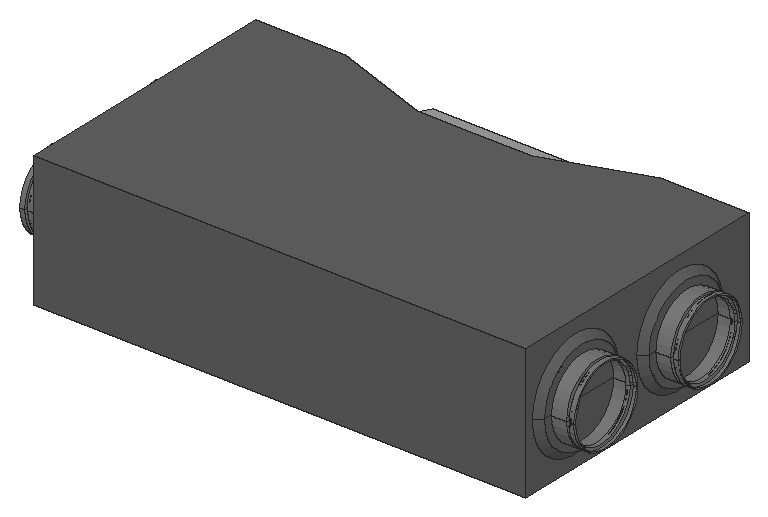
Revit family "BIMLIB_ПриточноВытяжнаяУстановка_NOVA_SHUFT", category Оборудование, Revit 2017
Family settings
  Размер круглого соединителя = Использовать диаметр
  Тип детали = Нормальный
  На основе рабочей плоскости = Нет
  Всегда вертикально = Да
  При загрузке вырезать с полостями = Нет
  Общий = Нет
  Точка расчета площади = Нет
Parameters (values of type "NOVA-600 EC")
  Повернуть УГО [instance] = yes
  Описание = "Вентиляционная установка NOVA адаптирована к российскому климату и оснащена запатентованным рекуператором «sensitive» с КПД 94%, благодаря чему она способна работать без использования нагревателя при температурах до -10°С"  # constant formula
  Изготовитель = "ООО «Завод ВКО» марка SHUFT"  # constant formula
  Длина коннекторов = (ADSK_Размер_Длина - C) / 2  # 47.5 mm
  Watermark [instance] = "Модели защищены уникальным кодом"
  SH_Мощность вентилятора = 149 W
  H = 135 mm
  URL = "http://www.shuft.ru/"
  F = 160 mm
  C = 1030 mm
  BL_Разработано = "support@bimlib.pro"  # constant formula
  BL_Email = "bimmodels@rusklimat.ru"  # constant formula
  BL_BIM library = "https://bimlib.pro/manufacturer/company/23829"
  B = 1000 mm
  ADSK_Расход воздуха приточный [instance] = 0.0 L/s
  ADSK_Расход воздуха вытяжной [instance] = 0.0 L/s
  ADSK_Размер_Ширина = 565 mm
  ADSK_Размер_Длина = 1125 mm
  ADSK_Размер_Высота = 270 mm
  ADSK_Примечание [instance] = ""
  ADSK_Полная мощность = ADSK_Номинальная мощность / ADSK_Коэффициент мощности  # 2400 VA
  ADSK_Позиция = ""
  ADSK_Обозначение = ""
  ADSK_Номинальная мощность = 2400 W
  ADSK_Напряжение = 230 V
  ADSK_Наименование = "Приточно-вытяжная вентиляционная установка NOVA-600 EC"
  ADSK_Материал = BIMLIB_Сталь_Корпус_SHUFT
  ADSK_Масса_Текст = "18"
  ADSK_Масса = 18
  ADSK_Марка = ADSK_Код изделия  # "NOVA-600 EC"
  ADSK_Коэффициент мощности = 1
  ADSK_Количество фаз = 1
  ADSK_Код изделия = "NOVA-600 EC"
  ADSK_Классификация нагрузок = Прочее
  ADSK_Завод-изготовитель = Изготовитель  # "ООО «Завод ВКО» марка SHUFT"
  ADSK_Единица измерения = "шт."  # constant formula
  ADSK_Версия семейства = "v.1"  # constant formula
  ADSK_Версия Revit = "2017"  # constant formula
  ADSK_URL страницы изделия = "http://www.shuft.ru/catalog/2/206/3035/4200/"
  ADSK_URL документации изделия = "http://www.shuft.ru/upload/downloads/Rucovodstvo_NOVA.pdf"
Types (4, lengths in mm): name | SH_Мощность вентилятора | ADSK_Напряжение | ADSK_Наименование | ADSK_Масса_Текст | ADSK_Масса | ADSK_Марка | ADSK_Код изделия
  (no name) | 149 W | 230 V | "Приточно-вытяжная вентиляционная установка NOVA-600 EC" | "18" | 18 | "NOVA-600 EC" | "NOVA-600 EC"
  NOVA-300 | 55 W | 230 V | "Приточно-вытяжная вентиляционная установка NOVA-300" | "18" | 18 | "NOVA-300" | "NOVA-300"
  NOVA-600 EC | 149 W | 230 V | "Приточно-вытяжная вентиляционная установка NOVA-600 EC" | "18" | 18 | "NOVA-600 EC" | "NOVA-600 EC"
  NOVA-300 Sensetive | 55 W | 220 V | "Приточно-вытяжная вентиляционная установка NOVA-300 Sensetive" | "17" | 17 | "NOVA-300 Sensetive" | "NOVA-300 Sensetive"
Reference planes
  plane 1 "По центру (Вперед/Назад)": y = 0
  plane 2: z = 0
  plane 3 "По центру (Влево/Вправо)": x = 0
  plane 4 "Перед": y = -282.5
  plane 5 "Зад": y = 282.5
  plane 6: z = 270
  plane 7 "Лево корпус": x = -562.5
  plane 8 "Право корпус": x = 562.5
  plane 9 "коннекторы": z = 135
  plane 10: z = 245
  plane 11 "rr": x = -500
  plane 12: x = -515
  plane 13: x = 515
  plane 14: x = 500
Forms (mm)
  Extrusion 1, solid, material "BIMLIB_Сталь_Корпус_SHUFT" <- "ADSK_Материал", detail levels medium+fine
    sketch origin (0, 0, 0) x (1, 0, 0) y (0, 1, 0)
      loop
        line (-500, -282.5) -> (500, -282.5) -> (500, 282.5) -> (320, 282.5) -> (116.714, 212.503) -> (0, 212.503) -> (-116.714, 212.503) -> (-320, 282.5) -> (-500, 282.5) -> (-500, -282.5)
    from 0 to 270 <- "ADSK_Размер_Высота"
  Extrusion 2, solid, material "BIMLIB_Сталь_SHUFT", detail levels fine
    sketch origin (0, 0, 135) x (-1, 0, 0) y (0, -1, 0)
      loop
        line (0, -282.5) -> (140, -282.5) -> (169.85, -230.799) -> (116.714, -212.503) -> (0, -212.503) -> (-116.714, -212.503) -> (-169.85, -230.799) -> (-140, -282.5) -> (0, -282.5)
    from -100 to 100
  Revolve 3, solid, material "BIMLIB_Сталь_Корпус_SHUFT" <- "ADSK_Материал", detail levels medium+fine
    sketch origin (0, 0, 135) x (-1, 0, 0) y (0, -1, 0)
      loop
        line (-515, 62.5) -> (-500, 47.5) -> (-500, 157.5) -> (-515, 157.5) -> (-515, 62.5)
      axis (-515, 157.5) -> (-500, 157.5)
    angle from 0 to 360
  Revolve 4, solid, material "BIMLIB_Сталь_Корпус_SHUFT" <- "ADSK_Материал", detail levels medium+fine
    sketch origin (0, 0, 135) x (1, 0, 0) y (0, -1, 0)
      loop
        line (-515, 62.5) -> (-500, 47.5) -> (-500, 157.5) -> (-515, 157.5) -> (-515, 62.5)
      axis (-515, 157.5) -> (-500, 157.5)
    angle from 0 to 360
  Revolve 5, solid, material "BIMLIB_Сталь_Корпус_SHUFT" <- "ADSK_Материал", detail levels medium+fine
    sketch origin (0, 265, 135) x (-1, 0, 0) y (0, -1, 0)
      loop
        line (-515, 62.5) -> (-500, 47.5) -> (-500, 157.5) -> (-515, 157.5) -> (-515, 62.5)
      axis (-515, 157.5) -> (-500, 157.5)
    angle from 0 to 360
  Revolve 6, solid, material "BIMLIB_Сталь_Корпус_SHUFT" <- "ADSK_Материал", detail levels medium+fine
    sketch origin (0, 265, 135) x (1, 0, 0) y (0, -1, 0)
      loop
        line (-515, 62.5) -> (-500, 47.5) -> (-500, 157.5) -> (-515, 157.5) -> (-515, 62.5)
      axis (-515, 157.5) -> (-500, 157.5)
    angle from 0 to 360
Dimensions and locks
  equal spacing: plane 4 "Перед", plane 1 "По центру (Вперед/Назад)", plane 5 "Зад"
  "ADSK_Размер_Высота": plane 6 to level
  "ADSK_Размер_Ширина": plane 4 "Перед" to plane 5 "Зад"
  "H": plane 9 "коннекторы" to level
  locked: plane 6 to plane 10 at 25
  "ADSK_Размер_Длина": plane 7 "Лево корпус" to plane 8 "Право корпус"
  equal spacing: plane 12, plane 3 "По центру (Влево/Вправо)", plane 13
  equal spacing: plane 7 "Лево корпус", plane 3 "По центру (Влево/Вправо)", plane 8 "Право корпус"
  "C": plane 12 to plane 13
  equal spacing: plane 11 "rr", plane 3 "По центру (Влево/Вправо)", plane 14
  "B": plane 11 "rr" to plane 14
  aligned and locked: level to plane 2
  aligned and locked: plane 1 "По центру (Вперед/Назад)" to nested 1
  aligned and locked: plane 3 "По центру (Влево/Вправо)" to nested 1
Automatic sketch dimensions
  Extrusion 1 sketch curve to plane 4 "Перед" = 0 mm
  Extrusion 1 sketch curve to plane 11 "rr" = 0 mm
  plane 5 "Зад" to Extrusion 1 sketch curve = 0 mm  (x2)
  Extrusion 1 sketch curve to plane 3 "По центру (Влево/Вправо)" = 0 mm
  Extrusion 1 sketch curve to plane 14 = 0 mm
  plane 11 "rr" to Extrusion 1 sketch curve = 180 mm
  Extrusion 1 sketch curve to plane 3 "По центру (Влево/Вправо)" = 116.714 mm
  Extrusion 1 sketch curve to Extrusion 1 sketch curve = 116.714 mm
  Extrusion 1 sketch curve to Extrusion 1 sketch curve = 180 mm
  plane 5 "Зад" to Extrusion 1 sketch curve = 69.997 mm
  plane 5 "Зад" to Extrusion 2 sketch curve = 0 mm
  Extrusion 2 sketch curve to plane 3 "По центру (Влево/Вправо)" = 0 mm  (x2)
  plane 3 "По центру (Влево/Вправо)" to Extrusion 2 sketch curve = 116.714 mm
  Extrusion 2 sketch curve to Extrusion 2 sketch curve = 23.286 mm  (x2)
  plane 5 "Зад" to Extrusion 2 sketch curve = 51.701 mm  (x2)
  Extrusion 2 sketch curve to Extrusion 2 sketch curve = 53.136 mm  (x2)
  Extrusion 2 sketch curve to Extrusion 2 sketch curve = 116.714 mm
  Extrusion 2 sketch curve to Extrusion 2 sketch curve = 18.296 mm
  Revolve 3 sketch curve to plane 13 = 0 mm  (x2)
  Revolve 3 sketch curve to plane 14 = 0 mm
  plane 1 "По центру (Вперед/Назад)" to Revolve 3 sketch curve = 47.5 mm
  Revolve 3 sketch curve to Revolve 3 sketch curve = 15 mm
  Revolve 3 sketch curve to Revolve 3 sketch curve = 95 mm
  plane 3 "По центру (Влево/Вправо)" to Revolve 3 sketch curve = 195 mm
  plane 4 "Перед" to Revolve 3 sketch curve = 125 mm
  Revolve 4 sketch curve to plane 12 = 0 mm  (x2)
  Revolve 4 sketch curve to plane 11 "rr" = 0 mm
  Revolve 4 sketch curve to plane 1 "По центру (Вперед/Назад)" = 47.5 mm
  Revolve 4 sketch curve to Revolve 4 sketch curve = 15 mm
  Revolve 4 sketch curve to Revolve 4 sketch curve = 95 mm
  plane 3 "По центру (Влево/Вправо)" to Revolve 4 sketch curve = 195 mm
  Revolve 4 sketch curve to plane 4 "Перед" = 125 mm
  Revolve 5 sketch curve to plane 13 = 0 mm  (x2)
  Revolve 5 sketch curve to plane 14 = 0 mm
  plane 5 "Зад" to Revolve 5 sketch curve = 65 mm
  Revolve 5 sketch curve to Revolve 5 sketch curve = 15 mm
  Revolve 5 sketch curve to Revolve 5 sketch curve = 95 mm
  plane 3 "По центру (Влево/Вправо)" to Revolve 5 sketch curve = 195 mm
  Revolve 5 sketch curve to plane 1 "По центру (Вперед/Назад)" = 107.5 mm
  Revolve 6 sketch curve to plane 12 = 0 mm  (x2)
  Revolve 6 sketch curve to plane 11 "rr" = 0 mm
  Revolve 6 sketch curve to plane 5 "Зад" = 65 mm
  Revolve 6 sketch curve to Revolve 6 sketch curve = 15 mm
  Revolve 6 sketch curve to Revolve 6 sketch curve = 95 mm
  plane 3 "По центру (Влево/Вправо)" to Revolve 6 sketch curve = 195 mm
  plane 1 "По центру (Вперед/Назад)" to Revolve 6 sketch curve = 107.5 mm
Nested families
  nested 1: "BIMLIB_УГО_SHUFT" at (0, 0, 0), Высота УГО 3д План <- "H", Высота <- "ADSK_Размер_Высота", Ширина <- "ADSK_Размер_Ширина", УГО сверху <- "Повернуть УГО", Длина <- "ADSK_Размер_Длина", type "BIMLIB_УГО_SHUFT", detail levels coarse
    with Ширина/4 141.25 mm, Ширина 565 mm, УГО спереди no, УГО сверху yes, Длина 1125 mm, Высота/4 67.5 mm, Высота УГО 3д План 135 mm, Высота 270 mm
  nested 2: "BIMLIB_Подключение_Круглое_SHUFT" at (515, -157.5, 135), D <- "F", L <- "Длина коннекторов", type "BIMLIB_Подключение_Круглое_SHUFT", detail levels medium+fine
    with Материал BIMLIB_Сталь_Патрубки_SHUFT, L 47.5 mm, D 160 mm
  nested 3: "BIMLIB_Подключение_Круглое_SHUFT" at (515, 107.5, 135), D <- "F", L <- "Длина коннекторов", type "BIMLIB_Подключение_Круглое_SHUFT", detail levels medium+fine
    with Материал BIMLIB_Сталь_Патрубки_SHUFT, L 47.5 mm, D 160 mm
  nested 4: "BIMLIB_Подключение_Круглое_SHUFT" at (-515, 107.5, 135) x (-1, 0, 0) z (0, 0, 1), D <- "F", L <- "Длина коннекторов", type "BIMLIB_Подключение_Круглое_SHUFT", detail levels medium+fine
    with Материал BIMLIB_Сталь_Патрубки_SHUFT, L 47.5 mm, D 160 mm
  nested 5: "BIMLIB_Подключение_Круглое_SHUFT" at (-515, -157.5, 135) x (-1, 0, 0) z (0, 0, 1), D <- "F", L <- "Длина коннекторов", type "BIMLIB_Подключение_Круглое_SHUFT", detail levels medium+fine
    with Материал BIMLIB_Сталь_Патрубки_SHUFT, L 47.5 mm, D 160 mm
Connectors
  electrical at (58.357, 212.503, 135), driven by "ADSK_Количество фаз", driven by "ADSK_Классификация нагрузок", driven by "ADSK_Напряжение", driven by "ADSK_Полная мощность", driven by "ADSK_Коэффициент мощности"
    settings: on Extrusion 1, index 13, voltage 230 V, apparent load 2400 VA, apparent load phase1 0 VA, apparent load phase2 0 VA, apparent load phase3 0 VA, power factor 1, load classification "Прочее", number of poles 1, system type 30, power factor state 1, is connector primary yes, connector utility no, sub classification motor no, connector description "Электрический соединитель"
  hvac at (562.5, -157.5, 135), driven by "F", driven by "ADSK_Расход воздуха вытяжной"
    settings: on nested 2, index 14, duct flow 0.0 L/s, flow factor 0, pres drop 0.0 Pa, loss coef 0, conn angle 0.00°, conn width 304.8 mm, conn height 304.8 mm, conn diameter 160 mm, duct sys type 3, conn prof type 0, flow config 0, flow direction 1, loss method 0, conn ref index 16, conn util no, is conn primary no, conn desc "Вытяжной воздух"
  hvac at (562.5, 107.5, 135), driven by "F", driven by "ADSK_Расход воздуха приточный"
    settings: on nested 3, index 15, duct flow 0.0 L/s, flow factor 0, pres drop 0.0 Pa, loss coef 0, conn angle 0.00°, conn width 304.8 mm, conn height 304.8 mm, conn diameter 160 mm, duct sys type 1, conn prof type 0, flow config 0, flow direction 2, loss method 0, conn ref index 17, conn util no, is conn primary no, conn desc "Приточный воздух"
  hvac at (-562.5, 107.5, 135), driven by "F", driven by "ADSK_Расход воздуха вытяжной"
    settings: on nested 4, index 16, duct flow 0.0 L/s, flow factor 0, pres drop 0.0 Pa, loss coef 0, conn angle 0.00°, conn width 304.8 mm, conn height 304.8 mm, conn diameter 160 mm, duct sys type 3, conn prof type 0, flow config 0, flow direction 2, loss method 0, conn ref index 14, conn util no, is conn primary no, conn desc "Выбрасываемый воздух"
  hvac at (-562.5, -157.5, 135), driven by "F", driven by "ADSK_Расход воздуха приточный"
    settings: on nested 5, index 17, duct flow 0.0 L/s, flow factor 0, pres drop 0.0 Pa, loss coef 0, conn angle 0.00°, conn width 304.8 mm, conn height 304.8 mm, conn diameter 160 mm, duct sys type 1, conn prof type 0, flow config 0, flow direction 1, loss method 0, conn ref index 15, conn util no, is conn primary yes, conn desc "Наружный воздух"
Definition of nested family "BIMLIB_Подключение_Круглое_SHUFT"
  Parameters (values of type "BIMLIB_Подключение_Круглое_SHUFT")
    Default Elevation = 1219.2 mm
    Материал [instance] = none
    L [instance] = 30 mm
    D [instance] = 300 mm
  Reference planes
    plane 1 "По центру (Вперед/Назад)": y = 0
    plane 2: z = 0
    plane 3 "По центру (Влево/Вправо)": x = 0
    plane 4: y = 150
    plane 5: y = -150
    plane 6: x = 30
  Forms (mm)
    Revolve 1, solid, material <- "Материал", detail levels medium+fine
      sketch origin (0, 0, 0) x (1, 0, 0) y (0, 1, 0)
        loop
          line (30, 148) -> (30, 150) -> (20, 150) -> (20, 145) -> (15, 145) -> (15, 150) -> (0, 150) -> (0, 148) -> (13, 148) -> (13, 143) -> (22, 143) -> (22, 148) -> (30, 148)
        axis (30, 0) -> (0, 0)
      angle from 0 to 360
  Dimensions and locks
    equal spacing: plane 4, plane 1 "По центру (Вперед/Назад)", plane 5
    "D": plane 4 to plane 5
    "L": plane 3 "По центру (Влево/Вправо)" to plane 6
    aligned and locked: level to plane 2
    aligned and locked: Revolve 1 sketch curve to plane 1 "По центру (Вперед/Назад)"
    aligned and locked: plane 6 to Revolve 1 sketch curve
    aligned and locked: plane 4 to Revolve 1 sketch curve  (x2)
    aligned and locked: Revolve 1 sketch curve to plane 3 "По центру (Влево/Вправо)"
  Automatic sketch dimensions
    Revolve 1 sketch curve to Revolve 1 sketch curve = 2 mm  (x5)
    Revolve 1 sketch curve to Revolve 1 sketch curve = 5 mm
    Revolve 1 sketch curve to Revolve 1 sketch curve = 8 mm
    Revolve 1 sketch curve to Revolve 1 sketch curve = 3 mm
    Revolve 1 sketch curve to plane 3 "По центру (Влево/Вправо)" = 2000 mm
    plane 6 to Revolve 1 sketch curve = 1535.044 mm
Definition of nested family "BIMLIB_УГО_SHUFT"
  Parameters (values of type "BIMLIB_УГО_SHUFT")
    Ширина/4 [instance] = Ширина / 4  # 105 mm
    Ширина [instance] = 420 mm
    УГО спереди [instance] = not(УГО сверху)  # no
    УГО сверху [instance] = yes
    Высота/4 [instance] = Высота / 4  # 63 mm
    Длина [instance] = 810 mm
    Высота УГО 3д План [instance] = 126 mm
    Высота [instance] = 252 mm
  Reference planes
    plane 1 "По центру (Вперед/Назад)": y = 0
    plane 2: z = 0
    plane 3 "По центру (Влево/Вправо)": x = 0
    plane 4: x = -405
    plane 5: x = 405
    plane 6: y = 210
    plane 7: y = -210
    plane 8: z = 126
    plane 9 "УГО 3Д": z = 252
    plane 10: x = -270
    plane 11: x = -135
    plane 12: z = 189
    plane 13: z = 63
    plane 14: x = 63
    plane 15: x = 105
    plane 16: y = 105
    plane 17: y = -105
    plane 18 "УГО": z = 126
  Lines and regions (mm)
    model lines, visible <- "УГО спереди", detail levels coarse
      curve 1: line (-405, 0, 252) -> (-405, 0, 0)
      curve 2: line (-405, 0, 0) -> (405, 0, 0)
      curve 3: line (405, 0, 0) -> (405, 0, 252)
      curve 4: line (405, 0, 252) -> (-405, 0, 252)
      curve 5: line (-270, 0, 252) -> (-270, 0, 0)
      curve 6: line (-135, 0, 252) -> (-135, 0, 0)
      curve 7: line (0, 0, 189) -> (0, 0, 63)
      curve 8: line (0, 0, 63) -> (63, 0, 126)
      curve 9: line (63, 0, 126) -> (0, 0, 189)
    model lines, visible <- "УГО сверху", detail levels coarse
      curve 10: line (-405, 210, 126) -> (-405, -210, 126)
      curve 11: line (-405, -210, 126) -> (405, -210, 126)
      curve 12: line (405, -210, 126) -> (405, 210, 126)
      curve 13: line (405, 210, 126) -> (-405, 210, 126)
      curve 14: line (-270, 210, 126) -> (-270, -210, 126)
      curve 15: line (-135, 210, 126) -> (-135, -210, 126)
      curve 16: line (0, 105, 126) -> (105, 0, 126)
      curve 17: line (105, 0, 126) -> (0, -105, 126)
      curve 18: line (0, -105, 126) -> (0, 105, 126)
    symbolic lines, detail levels coarse
      curve 19: line (-405, 0, 252) -> (-405, 0, 0)
      curve 20: line (-405, 0, 0) -> (405, 0, 0)
      curve 21: line (405, 0, 0) -> (405, 0, 252)
      curve 22: line (405, 0, 252) -> (-405, 0, 252)
      curve 23: line (-270, 0, 252) -> (-270, 0, 0)
      curve 24: line (-135, 0, 0) -> (-135, 0, 252)
      curve 25: line (0, 0, 189) -> (63, 0, 126)
      curve 26: line (63, 0, 126) -> (0, 0, 63)
      curve 27: line (0, 0, 63) -> (0, 0, 189)
      curve 28: line (-405, 210, 0) -> (-405, -210, 0)
      curve 29: line (-405, -210, 0) -> (405, -210, 0)
      curve 30: line (405, -210, 0) -> (405, 210, 0)
      curve 31: line (405, 210, 0) -> (-405, 210, 0)
      curve 32: line (-270, 210, 0) -> (-270, -210, 0)
      curve 33: line (-135, -210, 0) -> (-135, 210, 0)
      curve 34: line (0, 105, 0) -> (105, 0, 0)
      curve 35: line (105, 0, 0) -> (0, -105, 0)
      curve 36: line (0, -105, 0) -> (0, 105, 0)
  Dimensions and locks
    equal spacing: plane 4, plane 3 "По центру (Влево/Вправо)", plane 5
    "Длина": plane 4 to plane 5
    "Ширина": plane 7 to plane 6
    equal spacing: plane 4, plane 10, plane 11, plane 3 "По центру (Влево/Вправо)"
    "Высота": plane 9 "УГО 3Д" to level
    equal spacing: plane 9 "УГО 3Д", plane 12, plane 8, plane 13, level
    "Высота/4": plane 14 to plane 3 "По центру (Влево/Вправо)"
    equal spacing: plane 6, plane 16, plane 1 "По центру (Вперед/Назад)", plane 17, plane 7
    "Ширина/4": plane 15 to plane 3 "По центру (Влево/Вправо)"
    "Ширина/4": plane 3 "По центру (Влево/Вправо)" to plane 15
    "Высота УГО 3д План": plane 18 "УГО" to level
    aligned and locked: level to plane 2
  Automatic sketch dimensions
    curve 12 to plane 5 = 0 mm
    plane 1 "По центру (Вперед/Назад)" to curve 16 = 0 mm
    curve 16 to plane 15 = 0 mm
    curve 18 to plane 3 "По центру (Влево/Вправо)" = 0 mm
    curve 15 to plane 11 = 0 mm
    curve 14 to plane 10 = 0 mm
    curve 11 to plane 4 = 0 mm
    curve 13 to plane 6 = 0 mm
    curve 18 to plane 16 = 0 mm
    plane 7 to curve 12 = 0 mm
    curve 1 to plane 4 = 0 mm
    curve 5 to plane 9 "УГО 3Д" = 0 mm
    curve 5 to plane 10 = 0 mm
    curve 23 to level = 0 mm
    curve 23 to plane 10 = 0 mm
    curve 6 to plane 11 = 0 mm
    curve 24 to plane 11 = 0 mm
    curve 9 to plane 3 "По центру (Влево/Вправо)" = 0 mm
    curve 8 to plane 8 = 0 mm
    curve 8 to plane 14 = 0 mm
    curve 20 to plane 5 = 0 mm
    curve 27 to plane 12 = 0 mm
    curve 28 to plane 4 = 0 mm
    curve 32 to plane 6 = 0 mm
    curve 32 to plane 10 = 0 mm
    plane 7 to curve 33 = 0 mm
    curve 33 to plane 11 = 0 mm
    curve 34 to plane 3 "По центру (Влево/Вправо)" = 0 mm
    plane 1 "По центру (Вперед/Назад)" to curve 34 = 0 mm
    curve 30 to plane 5 = 0 mm
    curve 36 to plane 17 = 0 mm
    curve 36 to plane 16 = 0 mm
